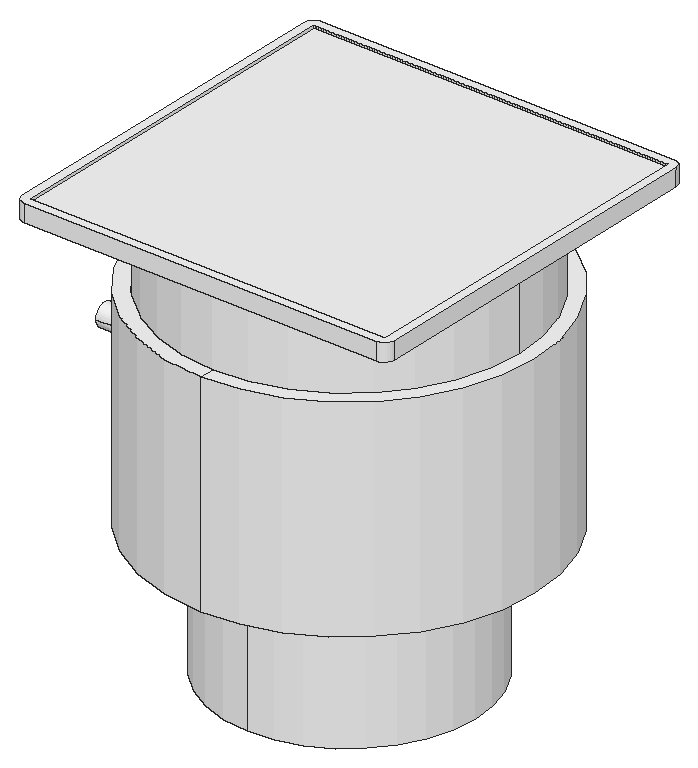
Revit family "C224-30-S-1", category Plumbing Fixtures, host Face, Revit 2026
Family settings
  Host = Face
  Round Connector Dimension = Use Radius
  Part Type = Normal
  Enable Cutting in Views = No
  Cut with Voids When Loaded = No
  Maintain Annotation Orientation = No
  Shared = No
  Room Calculation Point = No
Parameters (values of type "C224-30-S-1_Pipe Size 3"")
  WFU = 0
  URL = "WWW.MIFAB.COM"
  Top Assembly Adjustment = 1.5"
  Pipe Radius = Pipe Diameter / 2  # 1.5"
  Pipe Diameter = 3.0"
  Model = "C220-S"
  Manufacturer = "MIFAB"
  Floor Drain Material = Paint - Sherwin Williams Paint - #952C2A - Bellwood Red
  Description = "5” SQUARE ADJUSTABLE FLOOR CLEANOUT"
  Default Elevation = 0.0"
  CWFU = 0
  Body Height = 4.38"
  Assembly Code = ""
Types (4): name | Pipe Radius | Pipe Diameter | Model
  (no name) | 1.5" | 3.0" | "C220-S"
  C224-30-S-1_Pipe Size 2" | 1.0" | 2.0" | "C220-S"
  C224-30-S-1_Pipe Size 3" | 1.5" | 3.0" | "C220-S"
  C224-30-S-1_Pipe Size 4" | 2.0" | 4.0" | "C224-30-S-1"
Reference planes (in)
  plane 1 "Center (Front/Back)": y = 0
  plane 2: z = 0
  plane 3 "Center (Left/Right)": x = 0
  plane 4: z = -3
  plane 5: z = -2.375
  plane 6: y = -1.5
  plane 7: y = 1.5
  plane 8: z = -5.88
  plane 9: x = -2.5
  plane 10: x = 2.5
  plane 11: y = 2.5
  plane 12: y = -2.5
  plane 13: z = -1.5
  plane 14: z = -0.22917
  plane 15: x = 2.38634
  plane 16: z = -0.22917
  plane 17: z = -0.03
  plane 18: z = -1.25438
Forms (in)
  Revolve 1, solid, material "Paint - Sherwin Williams Paint - #952C2A - Bellwood Red" <- "Floor Drain Material"
    sketch origin (0, 0.04396, -2.375) x (0, 1, 0) y (0, 0, 1)
      loop
        line (-1.74318, -1.70892) -> (-1.74318, -3.505) -> (-1.54396, -3.505) -> (-1.54396, -1.47475) -> (-2.34151, -1.47475) -> (-2.34151, 1.12062) -> (-2.54396, 1.12062) -> (-2.54396, -1.70892) -> (-1.74318, -1.70892)
      axis (-0.04396, 1.12062) -> (-0.04396, -3.505)
    angle from 0 to 360
  Sweep 2, solid, material "Paint - Sherwin Williams Paint - #952C2A - Bellwood Red" <- "Floor Drain Material"
    path origin (0, 0, 0) x (1, 0, 0) y (0, 1, 0)
      loop
        arc (2.5, 2.36833) -> (2.46143, 2.46143) -> (2.36833, 2.5) r 0.13167
        line (2.36833, 2.5) -> (-2.36719, 2.5)
        arc (-2.36719, 2.5) -> (-2.4611, 2.4611) -> (-2.5, 2.36719) r 0.13281
        line (-2.5, 2.36719) -> (-2.5, -2.36719)
        arc (-2.5, -2.36719) -> (-2.4611, -2.4611) -> (-2.36719, -2.5) r 0.13281
        line (-2.36719, -2.5) -> (2.36719, -2.5)
        arc (2.36719, -2.5) -> (2.4611, -2.4611) -> (2.5, -2.36719) r 0.13281
        line (2.5, -2.36719) -> (2.5, 2.36833)
    profile origin (2.5, 0.00057, 0) x (1, 0, 0) y (0, 0, 1)
      loop
        line (0, 0) -> (-0.11366, 0) -> (-0.11366, -0.22917) -> (0, -0.22917) -> (0, 0)
  Extrusion 3, solid, material "Paint - Sherwin Williams Paint - #952C2A - Bellwood Red" <- "Floor Drain Material"
    sketch origin (0, 0, 0) x (1, 0, 0) y (0, 1, 0)
      loop
        line (-2.38634, 2.38634) -> (-2.38634, -2.38634) -> (2.38634, -2.38634) -> (2.38634, 2.38634) -> (-2.38634, 2.38634)
    from -0.03 to -0.22917
  Extrusion 4, solid, material "Paint - Sherwin Williams Paint - #952C2A - Bellwood Red" <- "Floor Drain Material"
    sketch origin (0, 0, 0) x (1, 0, 0) y (0, 1, 0)
      loop
        circle (0, 0) r 2.29755
      loop
        circle (0, 0) r 2.2
    from -1.5 to -0.22917
  Revolve 5, solid, material "Paint - Sherwin Williams Paint - #952C2A - Bellwood Red" <- "Floor Drain Material"
    sketch origin (0, 0, -2.75) x (1, 0, 0) y (0, 1, 0)
      loop
        line (-2.32828, 0) -> (-2.32828, 0.36267) -> (-2.57752, 0.36267) -> (-2.57752, 0.25736) -> (-2.67146, 0.25736) -> (-2.67146, 0.18713) -> (-2.99485, 0.18713) -> (-3.03198, 0.15) -> (-3.28971, 0.15) -> (-3.28971, 0) -> (-2.32828, 0)
      axis (-2.32828, 0) -> (-3.28971, 0)
    angle from 0 to 360
Lines and regions (in)
  model lines, not visible
    curve 1: line (6.7156, 0, 9.07611) -> (12.5156, 0, 9.07611)
    curve 2: line (12.5156, 0, 9.07611) -> (12.5156, 0, 10.82611)
    curve 3: line (12.5156, 0, 10.82611) -> (6.7156, 0, 10.82611)
    curve 4: line (6.7156, 0, 10.82611) -> (6.7156, 0, 9.07611)
    curve 5: line (7.13163, 0, 10.86539) -> (7.13163, 0, 12.86539)
    curve 6: line (7.13163, 0, 12.86539) -> (15.53163, 0, 12.86539)
    curve 7: line (15.53163, 0, 12.86539) -> (15.53163, 0, 10.86539)
    curve 8: line (11.33163, 0, 12.86539) -> (11.33163, 0, 12.36539)
    curve 9: line (10.38306, 10.17879, 0) -> (10.38306, 12.67879, 0)
    curve 10: line (10.38306, 12.67879, 0) -> (20.88306, 12.67879, 0)
    curve 11: line (20.88306, 12.67879, 0) -> (20.88306, 10.17879, 0)
    curve 12: line (15.63306, 12.67879, 0) -> (15.63306, 10.92879, 0)
Dimensions and locks (in)
  equal spacing: plane 7, plane 1 "Center (Front/Back)", plane 6
  "Pipe Diameter": plane 7 to plane 6
  "Pipe Radius": plane 1 "Center (Front/Back)" to plane 6
  plane 2 to plane 8 = 5.88"
  equal spacing: plane 9, plane 3 "Center (Left/Right)", plane 10
  locked: plane 9 to plane 10 at 5
  plane 11 to plane 1 "Center (Front/Back)" to plane 12 = 2.5", 2.5"
  locked: plane 11 to plane 12 at 5
  "Top Assembly Adjustment": plane 2 to plane 13
  "Body Height": plane 13 to plane 8
  locked: profile plane to plane 14 at 0.22917
  locked: plane 15 to profile plane at 0.11366
  locked: level to plane 16 at 0.22917
  locked: plane 2 to plane 17 at 0.03
  locked: Revolve 1 sketch curve to Revolve 1 sketch curve at 0.19922
  locked: plane 18 to plane 13 at 0.24562
  aligned and locked: plane 2 to host face
  aligned and locked: level to host face
  aligned and locked: Revolve 1 sketch curve to plane 8
  aligned and locked: plane 10 to Sweep 2 sketch curve
  aligned and locked: Sweep 2 sketch curve to plane 11
  aligned and locked: Sweep 2 sketch curve to plane 9
  aligned and locked: plane 12 to Sweep 2 sketch curve
  aligned and locked: plane 14 to Sweep 2 sketch curve
  aligned and locked: plane 17 to Extrusion 3
  aligned and locked: Extrusion 3 to plane 16
  aligned and locked: Extrusion 4 to plane 13
  aligned and locked: plane 16 to Extrusion 4
  aligned and locked: plane 18 to Revolve 1 sketch curve
  aligned and locked: plane 16 to Sweep 2
  aligned and locked: Revolve 1 sketch curve to plane 12
Automatic sketch dimensions
  host sketch curve to host sketch curve = 96.0"  (x2)
  curve 5 to curve 7 = 8.4"
  curve 5 to curve 8 = 4.2"
  curve 5 to curve 5 = 2.0"
  curve 7 to curve 6 = 2.0"
  curve 8 to curve 8 = 0.5"
  plane 9 to Sweep 2 sketch curve = 0.13281"  (x2)
  plane 10 to Sweep 2 sketch curve = 0.13281"
  plane 10 to Sweep 2 sketch curve = 0.13167"
  Sweep 2 sketch curve to level = 0.0"
  Sweep 2 sketch curve to Sweep 2 sketch curve = 0.11366"
  profile plane to Sweep 2 sketch curve = 0.0"
  plane 9 to Extrusion 3 sketch curve = 0.11366"
  plane 11 to Extrusion 3 sketch curve = 0.11366"
  plane 10 to Extrusion 3 sketch curve = 0.11366"
  plane 12 to Extrusion 3 sketch curve = 0.11366"
  Extrusion 4 sketch curve to Extrusion 4 sketch curve = 0.0"  (x2)
  plane 1 "Center (Front/Back)" to Extrusion 4 sketch curve = 0.0"
  Extrusion 4 sketch curve to plane 3 "Center (Left/Right)" = 0.0"
  Revolve 1 sketch curve to plane 6 = 0.0"
  Revolve 1 sketch curve to plane 1 "Center (Front/Back)" = 0.0"
  plane 12 to Revolve 1 sketch curve = 0.20245"
  Revolve 1 sketch curve to plane 4 = 1.08392"
  Revolve 1 sketch curve to Revolve 1 sketch curve = 0.23417"
  Revolve 1 sketch curve to plane 8 = 1.75"
  plane 8 to Revolve 1 sketch curve = 0.125"
  plane 1 "Center (Front/Back)" to Revolve 5 sketch curve = 0.0"  (x2)
  Revolve 5 sketch curve to plane 1 "Center (Front/Back)" = 0.15"
  Revolve 5 sketch curve to plane 9 = 0.78971"
  Revolve 5 sketch curve to Revolve 5 sketch curve = 0.25773"
  Revolve 5 sketch curve to Revolve 5 sketch curve = 0.03713"  (x2)
  Revolve 5 sketch curve to plane 9 = 0.17146"
  Revolve 5 sketch curve to plane 9 = 0.07752"
  plane 9 to Revolve 5 sketch curve = 0.17172"
  Revolve 5 sketch curve to Revolve 5 sketch curve = 0.07023"
  Revolve 5 sketch curve to Revolve 5 sketch curve = 0.10531"
  Revolve 5 sketch curve to Revolve 5 sketch curve = 0.14063"
  Revolve 5 sketch curve to Revolve 5 sketch curve = 0.25"
  radius of Extrusion 4 sketch curve = 2.29755"
  radius of Extrusion 4 sketch curve = 2.2"
Connectors (in)
  piping at (0, 0, -5.88), diameter 3, driven by "Pipe Radius", driven by "WFU"
    settings: on Revolve 1, index 2, connector inside diameter 2", connector length 0.0", flow factor 0, pipe flow 0 GPM, pressure drop 0.00 psi, fitting loss kfactor 0, connector angle 0.00°, fixture units 0, engagement length 0.0", angle of deflection 0.00°, flow configuration 3, flow direction 2, fitting loss method 0, system type 16, joint type 0, gender type 0, connector reference index -1, connector utility 0, adjustable connector no, is connector primary yes, connector description "Sanitary Out"
  piping at (-3.28971, 0, -2.75), diameter 0.3
    settings: on Revolve 5, index 3, connector inside diameter 24", connector length 0.0", flow factor 0, pipe flow 0 GPM, pressure drop 0.00 psi, fitting loss kfactor 0, connector angle 0.00°, fixture units 0, engagement length 0.0", angle of deflection 0.00°, flow configuration 0, flow direction 0, fitting loss method 0, system type 7, joint type 0, gender type 0, connector reference index -1, connector utility 0, adjustable connector no, is connector primary no, connector description ""
